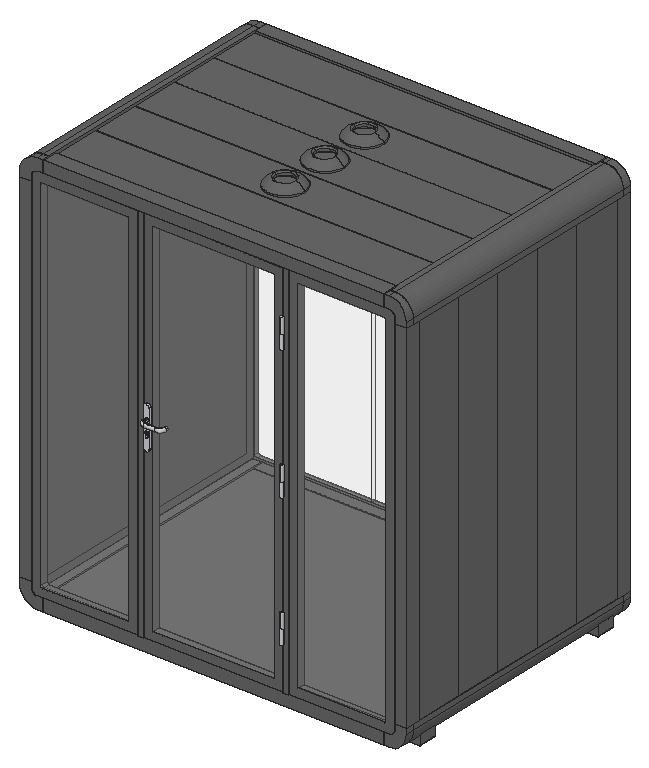
Revit family "Inbox Booths_Large Booth", category Furniture, Revit 2024 (continued)
Forms (mm)
  Sweep 150, solid, material "Default" <- "BB_Exterior Shell"
    profile origin (683.507, 1114.2, 2300) x (0, -1, 0) y (0, 0, 1)
      loop
        line (-12.021, 33.075) -> (-20, 40)
        arc (-20, 40) -> (-47.395, 26.052) -> (-68.91, 4.096) r 95.122
        arc (-68.91, 4.096) -> (-69.811, 2.144) -> (-69.964, 0) r 5.985
        line (-69.964, 0) -> (-40.742, 0)
        arc (-40.742, 0) -> (-35.682, 13.952) -> (-23.977, 23.075) r 26.812
        line (-23.977, 23.075) -> (-12.021, 23.075) -> (-12.021, 33.075)
  Sweep 151, solid, material "Default" <- "BB_Exterior Shell"
    path origin (0, -119.45, 2300) x (1, 0, 0) y (0, 1, 0)
      loop
        circle (683.507, 631.25) r 40
    profile origin (683.507, 551.8, 2300) x (0, -1, 0) y (0, 0, 1)
      loop
        line (-12.021, 33.075) -> (-20, 40)
        arc (-20, 40) -> (-47.395, 26.052) -> (-68.91, 4.096) r 95.122
        arc (-68.91, 4.096) -> (-69.811, 2.144) -> (-69.964, 0) r 5.985
        line (-69.964, 0) -> (-40.742, 0)
        arc (-40.742, 0) -> (-35.682, 13.952) -> (-23.977, 23.075) r 26.812
        line (-23.977, 23.075) -> (-12.021, 23.075) -> (-12.021, 33.075)
  Extrusion 152, solid, material "Default" <- "BB_Exterior Shell"
    sketch origin (0, 1376, 0) x (1, 0, 0) y (0, 0, -1)
      loop
        line (-406.493, -4) -> (-406.493, -66.411)
        arc (-406.493, -66.411) -> (-369.601, -25.268) -> (-316.493, -10) r 100
        line (-316.493, -10) -> (-276.261, -10) -> (-276.261, -4)
        arc (-276.261, -4) -> (-277.432, -1.172) -> (-280.261, 0) r 4
        line (-280.261, 0) -> (-402.493, 0)
        arc (-402.493, 0) -> (-405.321, -1.172) -> (-406.493, -4) r 4
    from 0 to 100
  Extrusion 153, solid, material "Default" <- "BB_Exterior Shell"
    sketch origin (1367.015, 1376, 0) x (-1, 0, 0) y (0, 0, 1)
      loop
        arc (-406.493, 4) -> (-405.321, 1.172) -> (-402.493, 0) r 4
        line (-402.493, 0) -> (-280.261, 0)
        arc (-280.261, 0) -> (-277.432, 1.172) -> (-276.261, 4) r 4
        line (-276.261, 4) -> (-276.261, 10) -> (-316.493, 10)
        arc (-316.493, 10) -> (-369.601, 25.268) -> (-406.493, 66.411) r 100
        line (-406.493, 66.411) -> (-406.493, 4)
    from 0 to 100
  Extrusion 154, solid, material "Default" <- "BB_Exterior Shell", not visible
    sketch origin (0, 1376, 0) x (1, 0, 0) y (0, 0, -1)
      loop
        line (-406.493, -4) -> (-406.493, -66.411)
        arc (-406.493, -66.411) -> (-369.601, -25.268) -> (-316.493, -10) r 100
        line (-316.493, -10) -> (-276.261, -10) -> (-276.261, -4)
        arc (-276.261, -4) -> (-277.432, -1.172) -> (-280.261, 0) r 4
        line (-280.261, 0) -> (-402.493, 0)
        arc (-402.493, 0) -> (-405.321, -1.172) -> (-406.493, -4) r 4
    from 0 to 100
  Extrusion 155, solid, material "Default" <- "BB_Exterior Shell", not visible
    sketch origin (1367.015, 1376, 0) x (-1, 0, 0) y (0, 0, 1)
      loop
        arc (-406.493, 4) -> (-405.321, 1.172) -> (-402.493, 0) r 4
        line (-402.493, 0) -> (-280.261, 0)
        arc (-280.261, 0) -> (-277.432, 1.172) -> (-276.261, 4) r 4
        line (-276.261, 4) -> (-276.261, 10) -> (-316.493, 10)
        arc (-316.493, 10) -> (-369.601, 25.268) -> (-406.493, 66.411) r 100
        line (-406.493, 66.411) -> (-406.493, 4)
    from 0 to 100
  Extrusion 156, solid, material "Glass" <- "BB_Glass"
    sketch origin (6, 1575, 0) x (1, 0, 0) y (0, 0, 1)
      loop
        line (330.622, 2223) -> (330.622, 97) -> (1024.507, 97) -> (1024.507, 2223) -> (330.622, 2223)
    from -11 to 14
  Extrusion 157, solid, material "Glass" <- "BB_Glass", not visible
    sketch origin (6, 1575, 0) x (1, 0, 0) y (0, 0, 1)
      loop
        line (330.622, 2223) -> (330.622, 97) -> (1024.507, 97) -> (1024.507, 2223) -> (330.622, 2223)
    from -11 to 14
  Extrusion 158, solid, material "Glass" <- "BB_Glass"
    sketch origin (667.015, 1575, 0) x (-1, 0, 0) y (0, 0, -1)
      loop
        arc (984.507, -2223) -> (992.993, -2219.485) -> (996.507, -2211) r 12
        line (996.507, -2211) -> (996.507, -109)
        arc (996.507, -109) -> (992.993, -100.515) -> (984.507, -97) r 12
        line (984.507, -97) -> (330.507, -97) -> (330.507, -2223) -> (984.507, -2223)
    from -11 to 14
  Extrusion 159, solid, material "Glass" <- "BB_Glass", not visible
    sketch origin (667.015, 1575, 0) x (-1, 0, 0) y (0, 0, -1)
      loop
        arc (984.507, -2223) -> (992.993, -2219.485) -> (996.507, -2211) r 12
        line (996.507, -2211) -> (996.507, -109)
        arc (996.507, -109) -> (992.993, -100.515) -> (984.507, -97) r 12
        line (984.507, -97) -> (330.507, -97) -> (330.507, -2223) -> (984.507, -2223)
    from -11 to 14
  Sweep 160, solid, material "Default" <- "BB_Exterior Shell", not visible
    path origin (0, 1424.25, 2300) x (1, 0, 0) y (0, 1, 0)
      loop
        circle (683.507, -631.25) r 40
    profile origin (683.507, 753, 2300) x (0, -1, 0) y (0, 0, 1)
      loop
        line (12.021, 33.075) -> (12.021, 23.075) -> (23.977, 23.075)
        arc (23.977, 23.075) -> (35.682, 13.952) -> (40.742, 0) r 26.812
        line (40.742, 0) -> (69.964, 0)
        arc (69.964, 0) -> (69.811, 2.144) -> (68.91, 4.096) r 5.985
        arc (68.91, 4.096) -> (47.395, 26.052) -> (20, 40) r 95.122
        line (20, 40) -> (12.021, 33.075)
  Sweep 161, solid, material "Default" <- "BB_Exterior Shell", not visible
    path origin (0, 442.95, 2300) x (1, 0, 0) y (0, 1, 0)
      loop
        circle (683.507, 631.25) r 40
    profile origin (683.507, 1114.2, 2300) x (0, -1, 0) y (0, 0, 1)
      loop
        line (-12.021, 33.075) -> (-20, 40)
        arc (-20, 40) -> (-47.395, 26.052) -> (-68.91, 4.096) r 95.122
        arc (-68.91, 4.096) -> (-69.811, 2.144) -> (-69.964, 0) r 5.985
        line (-69.964, 0) -> (-40.742, 0)
        arc (-40.742, 0) -> (-35.682, 13.952) -> (-23.977, 23.075) r 26.812
        line (-23.977, 23.075) -> (-12.021, 23.075) -> (-12.021, 33.075)
  Sweep 162, solid, material "Default" <- "BB_Exterior Shell", not visible
    path origin (0, -119.45, 2300) x (1, 0, 0) y (0, 1, 0)
      loop
        circle (683.507, 631.25) r 40
    profile origin (683.507, 551.8, 2300) x (0, -1, 0) y (0, 0, 1)
      loop
        line (-12.021, 33.075) -> (-20, 40)
        arc (-20, 40) -> (-47.395, 26.052) -> (-68.91, 4.096) r 95.122
        arc (-68.91, 4.096) -> (-69.811, 2.144) -> (-69.964, 0) r 5.985
        line (-69.964, 0) -> (-40.742, 0)
        arc (-40.742, 0) -> (-35.682, 13.952) -> (-23.977, 23.075) r 26.812
        line (-23.977, 23.075) -> (-12.021, 23.075) -> (-12.021, 33.075)
  Extrusion 163, solid, material "Default" <- "BB_Exterior Shell"
    sketch origin (-375, 1496, 2320) x (1, 0, 0) y (0, 0, -1)
      loop
        line (-41.493, 2210) -> (-41.493, 2180) -> (25.507, 2180) -> (25.507, 2211)
        arc (25.507, 2211) -> (34.88, 2233.627) -> (57.507, 2243) r 32
        line (57.507, 2243) -> (88.507, 2243) -> (88.507, 2310) -> (58.507, 2310)
        arc (58.507, 2310) -> (-12.203, 2280.711) -> (-41.493, 2210) r 100
    from 45 to 90
  Extrusion 164, solid, material "Default" <- "BB_Exterior Shell"
    sketch origin (-375, 1931, 0) x (1, 0, 0) y (0, 0, 1)
      loop
        line (-41.493, 2210) -> (-41.493, 2180) -> (25.507, 2180) -> (25.507, 2211)
        arc (25.507, 2211) -> (34.88, 2233.627) -> (57.507, 2243) r 32
        line (57.507, 2243) -> (88.507, 2243) -> (88.507, 2310) -> (58.507, 2310)
        arc (58.507, 2310) -> (-12.203, 2280.711) -> (-41.493, 2210) r 100
    from 345 to 390
  Extrusion 165, solid, material "Default" <- "BB_Exterior Shell"
    sketch origin (1742.015, 1496, 2320) x (-1, 0, 0) y (0, 0, 1)
      loop
        arc (-41.493, -2210) -> (-12.203, -2280.711) -> (58.507, -2310) r 100
        line (58.507, -2310) -> (88.507, -2310) -> (88.507, -2243) -> (57.507, -2243)
        arc (57.507, -2243) -> (34.88, -2233.627) -> (25.507, -2211) r 32
        line (25.507, -2211) -> (25.507, -2180) -> (-41.493, -2180) -> (-41.493, -2210)
    from 45 to 90
  Extrusion 166, solid, material "Default" <- "BB_Exterior Shell"
    sketch origin (1742.015, 1931, 0) x (-1, 0, 0) y (0, 0, -1)
      loop
        arc (-41.493, -2210) -> (-12.203, -2280.711) -> (58.507, -2310) r 100
        line (58.507, -2310) -> (88.507, -2310) -> (88.507, -2243) -> (57.507, -2243)
        arc (57.507, -2243) -> (34.88, -2233.627) -> (25.507, -2211) r 32
        line (25.507, -2211) -> (25.507, -2180) -> (-41.493, -2180) -> (-41.493, -2210)
    from 345 to 390
  Extrusion 167, solid, material "Default" <- "BB_Exterior Shell", not visible
    sketch origin (-375, 1496, 2320) x (1, 0, 0) y (0, 0, -1)
      loop
        line (-41.493, 2210) -> (-41.493, 2180) -> (25.507, 2180) -> (25.507, 2211)
        arc (25.507, 2211) -> (34.88, 2233.627) -> (57.507, 2243) r 32
        line (57.507, 2243) -> (88.507, 2243) -> (88.507, 2310) -> (58.507, 2310)
        arc (58.507, 2310) -> (-12.203, 2280.711) -> (-41.493, 2210) r 100
    from 45 to 90
  Extrusion 168, solid, material "Default" <- "BB_Exterior Shell", not visible
    sketch origin (-375, 1931, 0) x (1, 0, 0) y (0, 0, 1)
      loop
        line (-41.493, 2210) -> (-41.493, 2180) -> (25.507, 2180) -> (25.507, 2211)
        arc (25.507, 2211) -> (34.88, 2233.627) -> (57.507, 2243) r 32
        line (57.507, 2243) -> (88.507, 2243) -> (88.507, 2310) -> (58.507, 2310)
        arc (58.507, 2310) -> (-12.203, 2280.711) -> (-41.493, 2210) r 100
    from 345 to 390
  Extrusion 169, solid, material "Default" <- "BB_Exterior Shell", not visible
    sketch origin (1742.015, 1496, 2320) x (-1, 0, 0) y (0, 0, 1)
      loop
        arc (-41.493, -2210) -> (-12.203, -2280.711) -> (58.507, -2310) r 100
        line (58.507, -2310) -> (88.507, -2310) -> (88.507, -2243) -> (57.507, -2243)
        arc (57.507, -2243) -> (34.88, -2233.627) -> (25.507, -2211) r 32
        line (25.507, -2211) -> (25.507, -2180) -> (-41.493, -2180) -> (-41.493, -2210)
    from 45 to 90
  Extrusion 170, solid, material "Default" <- "BB_Exterior Shell", not visible
    sketch origin (1742.015, 1931, 0) x (-1, 0, 0) y (0, 0, -1)
      loop
        arc (-41.493, -2210) -> (-12.203, -2280.711) -> (58.507, -2310) r 100
        line (58.507, -2310) -> (88.507, -2310) -> (88.507, -2243) -> (57.507, -2243)
        arc (57.507, -2243) -> (34.88, -2233.627) -> (25.507, -2211) r 32
        line (25.507, -2211) -> (25.507, -2180) -> (-41.493, -2180) -> (-41.493, -2210)
    from 345 to 390
  Extrusion 171, solid, material "Default" <- "BB_Exterior Shell", not visible
    sketch origin (0, 0, 0) x (1, 0, 0) y (0, 0, 1)
      loop
        line (-286.493, 2243) -> (1653.507, 2243) -> (1653.507, 2310) -> (-286.493, 2310) -> (-286.493, 2243)
    from -90 to 0
  Extrusion 172, solid, material "Default" <- "BB_Exterior Shell", not visible
    sketch origin (0, 986, 0) x (1, 0, 0) y (0, 0, -1)
      loop
        line (-286.493, -2243) -> (-286.493, -2310) -> (1653.507, -2310) -> (1653.507, -2243) -> (-286.493, -2243)
    from 600 to 518.308
  Extrusion 173, solid, material "Default" <- "BB_Exterior Shell", not visible
    sketch origin (0, 0, 2320) x (1, 0, 0) y (0, 0, 1)
      loop
        line (-286.493, -2243) -> (-286.493, -2310) -> (1653.507, -2310) -> (1653.507, -2243) -> (-286.493, -2243)
    from -90 to 0
  Extrusion 174, solid, material "Default" <- "BB_Exterior Shell", not visible
    sketch origin (108.507, 0, 0) x (0, 1, 0) y (0, 0, 1)
      loop
        line (1586, 140) -> (1586, 2180) -> (1504.308, 2180) -> (1504.308, 140) -> (1586, 140)
      loop
        line (0, 2180) -> (0, 140) -> (90, 140) -> (90, 2180) -> (0, 2180)
    from -458 to -525
  Extrusion 175, solid, material "Default" <- "BB_Exterior Shell", not visible
    sketch origin (98.507, -46.5, 0) x (0, 1, 0) y (0, 0, 1)
      loop
        line (91.5, 2233) -> (91.5, 87) -> (1607.5, 87) -> (1607.5, 2233) -> (91.5, 2233)
    from -448 to -438
  Extrusion 176, solid, material "Default" <- "BB_Exterior Shell", not visible
    sketch origin (0, 0, 0) x (1, 0, 0) y (0, 0, 1)
      loop
        line (-349.493, 77) -> (-286.493, 77) -> (-286.493, 87) -> (-349.493, 87) -> (-349.493, 77)
      loop
        line (1653.507, 77) -> (1706.507, 77) -> (1706.507, 87) -> (1653.507, 87) -> (1653.507, 77)
      loop
        line (-349.493, 2243) -> (-349.493, 2233) -> (-286.493, 2233) -> (-286.493, 2243) -> (-349.493, 2243)
      loop
        line (1706.507, 2243) -> (1653.507, 2243) -> (1653.507, 2233) -> (1706.507, 2233) -> (1706.507, 2243)
    from -1561 to -45
  Extrusion 177, solid, material "Default" <- "BB_Exterior Shell", not visible
    sketch origin (0, 0, 0) x (1, 0, 0) y (0, 1, 0)
      loop
        line (-286.493, 45) -> (1653.507, 45) -> (1653.507, 90) -> (-286.493, 90) -> (-286.493, 45)
      loop
        line (1653.507, 1561) -> (-286.493, 1561) -> (-286.493, 1496) -> (1653.507, 1496) -> (1653.507, 1561)
    from 87 to 77
  Extrusion 178, solid, material "Default" <- "BB_Exterior Shell", not visible
    sketch origin (0, 0, 2156) x (1, 0, 0) y (0, 1, 0)
      loop
        line (1653.507, 1496) -> (1653.507, 1561) -> (-286.493, 1561) -> (-286.493, 1496) -> (1653.507, 1496)
      loop
        line (-286.493, 45) -> (1653.507, 45) -> (1653.507, 108) -> (-286.493, 108) -> (-286.493, 45)
    from 87 to 77
  Extrusion 179, solid, material "Default" <- "BB_Exterior Shell", not visible
    sketch origin (0, 896, 2320) x (1, 0, 0) y (0, 0, -1)
      loop
        line (-286.493, 2243) -> (1653.507, 2243) -> (1653.507, 2310) -> (-286.493, 2310) -> (-286.493, 2243)
    from 318.8 to 608.308
  Extrusion 180, solid, material "Default" <- "BB_Exterior Shell", not visible
    sketch origin (0, 90, 2320) x (1, 0, 0) y (0, 0, 1)
      loop
        line (-286.493, -2243) -> (-286.493, -2310) -> (1653.507, -2310) -> (1653.507, -2243) -> (-286.493, -2243)
    from -281.2 to 0
  Extrusion 181, solid, material "Default" <- "BB_Floor Carpet", not visible
    sketch origin (0, 0, 0) x (1, 0, 0) y (0, 1, 0)
      loop
        line (1653.507, 1496) -> (-286.493, 1496) -> (-286.493, 90) -> (1653.507, 90) -> (1653.507, 1496)
    from 77 to 82.752
  Extrusion 182, solid, material "Default" <- "BB_Pet Panel", not visible
    sketch origin (0, 0, 2160.248) x (0, -1, 0) y (1, 0, 0)
      loop
        line (-1504.308, 1653.507) -> (-1504.308, -286.493) -> (-108, -286.493) -> (-108, 1653.507) -> (-1504.308, 1653.507)
    from 77 to 82.752
  Extrusion 183, solid, material "Default" <- "BB_Exterior Shell", not visible
    sketch origin (0, 343.5, 4543) x (1, 0, 0) y (0, 0, -1)
      loop
        line (-286.493, 2243) -> (1653.507, 2243) -> (1653.507, 2300) -> (-286.493, 2300) -> (-286.493, 2243)
    from -253.5 to 27.7
  Extrusion 184, solid, material "Default" <- "BB_Exterior Shell", not visible
    sketch origin (-375, 90, 2320) x (1, 0, 0) y (0, 0, 1)
      loop
        arc (-41.493, -2210) -> (-12.203, -2280.711) -> (58.507, -2310) r 100
        line (58.507, -2310) -> (88.507, -2310) -> (88.507, -2243) -> (57.507, -2243)
        arc (57.507, -2243) -> (34.88, -2233.627) -> (25.507, -2211) r 32
        line (25.507, -2211) -> (25.507, -2180) -> (-41.493, -2180) -> (-41.493, -2210)
    from 45 to 90
  Extrusion 185, solid, material "Default" <- "BB_Exterior Shell", not visible
    sketch origin (-375, 1451, 2320) x (1, 0, 0) y (0, 0, -1)
      loop
        line (-41.493, 2210) -> (-41.493, 2180) -> (25.507, 2180) -> (25.507, 2211)
        arc (25.507, 2211) -> (34.88, 2233.627) -> (57.507, 2243) r 32
        line (57.507, 2243) -> (88.507, 2243) -> (88.507, 2310) -> (58.507, 2310)
        arc (58.507, 2310) -> (-12.203, 2280.711) -> (-41.493, 2210) r 100
    from -1406 to 90
  Extrusion 186, solid, material "Default" <- "BB_Exterior Shell", not visible
    sketch origin (0, 793, 2320) x (1, 0, 0) y (0, 0, -1)
      loop
        line (-286.493, 2243) -> (1653.507, 2243) -> (1653.507, 2310) -> (-286.493, 2310) -> (-286.493, 2243)
    from -421.8 to -140.6
  Extrusion 187, solid, material "Default" <- "BB_Exterior Shell", not visible
    sketch origin (-375, 1451, 0) x (1, 0, 0) y (0, 0, -1)
      loop
        arc (-41.493, -2210) -> (-12.203, -2280.711) -> (58.507, -2310) r 100
        line (58.507, -2310) -> (88.507, -2310) -> (88.507, -2243) -> (57.507, -2243)
        arc (57.507, -2243) -> (34.88, -2233.627) -> (25.507, -2211) r 32
        line (25.507, -2211) -> (25.507, -2180) -> (-41.493, -2180) -> (-41.493, -2210)
    from -1406 to 90
  Extrusion 188, solid, material "Default" <- "BB_Exterior Shell", not visible
    sketch origin (-375, -345, 0) x (1, 0, 0) y (0, 0, -1)
      loop
        arc (-41.493, -2210) -> (-12.203, -2280.711) -> (58.507, -2310) r 100
        line (58.507, -2310) -> (88.507, -2310) -> (88.507, -2243) -> (57.507, -2243)
        arc (57.507, -2243) -> (34.88, -2233.627) -> (25.507, -2211) r 32
        line (25.507, -2211) -> (25.507, -2180) -> (-41.493, -2180) -> (-41.493, -2210)
    from 345 to 390
  Extrusion 189, solid, material "Default" <- "BB_Exterior Shell", not visible
    sketch origin (-501.493, 5, 0) x (0, 1, 0) y (0, 0, 1)
      loop
        line (85, 2180) -> (85, 140) -> (366.2, 140) -> (366.2, 2180) -> (85, 2180)
    from 92 to 152
  Extrusion 190, solid, material "Default" <- "BB_Exterior Shell", not visible
    sketch origin (0, 389.5, 4543) x (1, 0, 0) y (0, 0, 1)
      loop
        line (-286.493, -2243) -> (-286.493, -2300) -> (1653.507, -2300) -> (1653.507, -2243) -> (-286.493, -2243)
    from -262.9 to 18.3
  Extrusion 191, solid, material "Default" <- "BB_Exterior Shell", not visible
    sketch origin (0, 493, 2320) x (1, 0, 0) y (0, 0, 1)
      loop
        line (-286.493, -2243) -> (-286.493, -2310) -> (1653.507, -2310) -> (1653.507, -2243) -> (-286.493, -2243)
    from -440.6 to -159.4
  Extrusion 192, solid, material "Default" <- "BB_Exterior Shell", not visible
    sketch origin (0, 1346, 2320) x (1, 0, 0) y (0, 0, -1)
      loop
        line (-286.493, 2243) -> (1653.507, 2243) -> (1653.507, 2310) -> (-286.493, 2310) -> (-286.493, 2243)
    from -412.4 to -131.2
  Extrusion 193, solid, material "Default" <- "BB_Pet Panel", not visible
    sketch origin (-139.493, 1033.5, 51.289) x (0, -1, 0) y (0, 0, -1)
      loop
        line (-462.5, -2128.711) -> (943.5, -2128.711) -> (943.5, -88.711) -> (-462.5, -88.711) -> (-462.5, -2128.711)
    from -200 to -190
  Extrusion 194, solid, material "Default" <- "BB_Exterior Shell", not visible
    sketch origin (0, 210, 0) x (1, 0, 0) y (0, 0, 1)
      loop
        arc (-406.493, 4) -> (-405.321, 1.172) -> (-402.493, 0) r 4
        line (-402.493, 0) -> (-280.261, 0)
        arc (-280.261, 0) -> (-277.432, 1.172) -> (-276.261, 4) r 4
        line (-276.261, 4) -> (-276.261, 10) -> (-316.493, 10)
        arc (-316.493, 10) -> (-369.601, 25.268) -> (-406.493, 66.411) r 100
        line (-406.493, 66.411) -> (-406.493, 4)
    from 0 to 100
  Extrusion 195, solid, material "Default" <- "BB_Exterior Shell", not visible
    sketch origin (1258.507, 0, 0) x (0, 1, 0) y (0, 0, -1)
      loop
        line (1586, -140) -> (1504.308, -140) -> (1504.308, -2180) -> (1586, -2180) -> (1586, -140)
      loop
        line (0, -2180) -> (90, -2180) -> (90, -140) -> (0, -140) -> (0, -2180)
    from -458 to -525
  Extrusion 196, solid, material "Default" <- "BB_Exterior Shell", not visible
    sketch origin (1742.015, 90, 2320) x (-1, 0, 0) y (0, 0, -1)
      loop
        line (-41.493, 2210) -> (-41.493, 2180) -> (25.507, 2180) -> (25.507, 2211)
        arc (25.507, 2211) -> (34.88, 2233.627) -> (57.507, 2243) r 32
        line (57.507, 2243) -> (88.507, 2243) -> (88.507, 2310) -> (58.507, 2310)
        arc (58.507, 2310) -> (-12.203, 2280.711) -> (-41.493, 2210) r 100
    from 45 to 90
  Extrusion 197, solid, material "Default" <- "BB_Exterior Shell", not visible
    sketch origin (1742.015, 1451, 0) x (-1, 0, 0) y (0, 0, 1)
      loop
        line (-41.493, 2210) -> (-41.493, 2180) -> (25.507, 2180) -> (25.507, 2211)
        arc (25.507, 2211) -> (34.88, 2233.627) -> (57.507, 2243) r 32
        line (57.507, 2243) -> (88.507, 2243) -> (88.507, 2310) -> (58.507, 2310)
        arc (58.507, 2310) -> (-12.203, 2280.711) -> (-41.493, 2210) r 100
    from -1406 to 90
  Extrusion 198, solid, material "Default" <- "BB_Exterior Shell", not visible
    sketch origin (1742.015, 1451, 2320) x (-1, 0, 0) y (0, 0, 1)
      loop
        arc (-41.493, -2210) -> (-12.203, -2280.711) -> (58.507, -2310) r 100
        line (58.507, -2310) -> (88.507, -2310) -> (88.507, -2243) -> (57.507, -2243)
        arc (57.507, -2243) -> (34.88, -2233.627) -> (25.507, -2211) r 32
        line (25.507, -2211) -> (25.507, -2180) -> (-41.493, -2180) -> (-41.493, -2210)
    from -1406 to 90
  Extrusion 199, solid, material "Default" <- "BB_Exterior Shell", not visible
    sketch origin (1742.015, -345, 0) x (-1, 0, 0) y (0, 0, 1)
      loop
        line (-41.493, 2210) -> (-41.493, 2180) -> (25.507, 2180) -> (25.507, 2211)
        arc (25.507, 2211) -> (34.88, 2233.627) -> (57.507, 2243) r 32
        line (57.507, 2243) -> (88.507, 2243) -> (88.507, 2310) -> (58.507, 2310)
        arc (58.507, 2310) -> (-12.203, 2280.711) -> (-41.493, 2210) r 100
    from 345 to 390
  Extrusion 200, solid, material "Default" <- "BB_Exterior Shell", not visible
    sketch origin (1868.507, 5, 0) x (0, 1, 0) y (0, 0, -1)
      loop
        line (85, -2180) -> (366.2, -2180) -> (366.2, -140) -> (85, -140) -> (85, -2180)
    from 92 to 152
  Extrusion 201, solid, material "Default" <- "BB_Exterior Shell", not visible
    sketch origin (1367.015, 210, 0) x (-1, 0, 0) y (0, 0, -1)
      loop
        line (-406.493, -4) -> (-406.493, -66.411)
        arc (-406.493, -66.411) -> (-369.601, -25.268) -> (-316.493, -10) r 100
        line (-316.493, -10) -> (-276.261, -10) -> (-276.261, -4)
        arc (-276.261, -4) -> (-277.432, -1.172) -> (-280.261, 0) r 4
        line (-280.261, 0) -> (-402.493, 0)
        arc (-402.493, 0) -> (-405.321, -1.172) -> (-406.493, -4) r 4
    from 0 to 100
  Extrusion 202, solid, material "Default" <- "BB_Exterior Shell", not visible
    sketch origin (1268.507, -46.5, 0) x (0, 1, 0) y (0, 0, -1)
      loop
        line (91.5, -2233) -> (1607.5, -2233) -> (1607.5, -87) -> (91.5, -87) -> (91.5, -2233)
    from -448 to -438
  Extrusion 203, solid, material "Default" <- "BB_Pet Panel", not visible
    sketch origin (1506.507, 1033.5, 51.289) x (0, -1, 0) y (0, 0, 1)
      loop
        line (-462.5, 2128.711) -> (-462.5, 88.711) -> (943.5, 88.711) -> (943.5, 2128.711) -> (-462.5, 2128.711)
    from -200 to -190
  Extrusion 204, solid, material "Default" <- "BB_Glass Edge (non-editable finish)", not visible
    sketch origin (0, -41.475, 0) x (1, 0, 0) y (0, 0, 1)
      loop
        arc (-317.493, 2243) -> (-340.12, 2233.627) -> (-349.493, 2211) r 32
        line (-349.493, 2211) -> (-349.493, 109)
        arc (-349.493, 109) -> (-340.12, 86.373) -> (-317.493, 77) r 32
        line (-317.493, 77) -> (1684.507, 77)
        arc (1684.507, 77) -> (1707.135, 86.373) -> (1716.507, 109) r 32
        line (1716.507, 109) -> (1716.507, 2211)
        arc (1716.507, 2211) -> (1707.135, 2233.627) -> (1684.507, 2243) r 32
        line (1684.507, 2243) -> (-317.493, 2243)
      loop
        line (-317.493, 97) -> (1684.507, 97)
        arc (1684.507, 97) -> (1692.993, 100.515) -> (1696.507, 109) r 12
        line (1696.507, 109) -> (1696.507, 2211)
        arc (1696.507, 2211) -> (1692.993, 2219.485) -> (1684.507, 2223) r 12
        line (1684.507, 2223) -> (-317.493, 2223)
        arc (-317.493, 2223) -> (-325.978, 2219.485) -> (-329.493, 2211) r 12
        line (-329.493, 2211) -> (-329.493, 109)
        arc (-329.493, 109) -> (-325.978, 100.515) -> (-317.493, 97) r 12
    from -1627.475 to -1602.475
  Extrusion 205, solid, material "Glass" <- "BB_Glass", not visible
    sketch origin (700, 1575, 0) x (1, 0, 0) y (0, 0, 1)
      loop
        line (984.507, 2223) -> (330.507, 2223) -> (330.507, 97) -> (984.507, 97)
        arc (984.507, 97) -> (992.993, 100.515) -> (996.507, 109) r 12
        line (996.507, 109) -> (996.507, 2211)
        arc (996.507, 2211) -> (992.993, 2219.485) -> (984.507, 2223) r 12
    from -11 to 14
  Extrusion 206, solid, material "Default" <- "BB_Exterior Shell", not visible
    sketch origin (-501.493, 737.4, 0) x (0, -1, 0) y (0, 0, -1)
      loop
        line (85, -2180) -> (366.2, -2180) -> (366.2, -140) -> (85, -140) -> (85, -2180)
    from 92 to 152
  Extrusion 207, solid, material "Default" <- "BB_Exterior Shell", not visible
    sketch origin (-501.493, 1299.8, 0) x (0, -1, 0) y (0, 0, -1)
      loop
        line (85, -2180) -> (366.2, -2180) -> (366.2, -140) -> (85, -140) -> (85, -2180)
    from 92 to 152
  Extrusion 208, solid, material "Default" <- "BB_Exterior Shell", not visible
    sketch origin (-501.493, 567.4, 0) x (0, 1, 0) y (0, 0, 1)
      loop
        line (85, 2180) -> (85, 140) -> (366.2, 140) -> (366.2, 2180) -> (85, 2180)
    from 92 to 152
  Extrusion 209, solid, material "Default" <- "BB_Exterior Shell", not visible
    sketch origin (-501.493, 1129.8, 0) x (0, 1, 0) y (0, 0, 1)
      loop
        line (85, 2180) -> (85, 140) -> (374.508, 140) -> (374.508, 2180) -> (85, 2180)
    from 92 to 152
  Extrusion 210, solid, material "Default" <- "BB_Exterior Shell", not visible
    sketch origin (0, 961.3, 4543) x (1, 0, 0) y (0, 0, 1)
      loop
        line (-286.493, -2243) -> (-286.493, -2300) -> (1653.507, -2300) -> (1653.507, -2243) -> (-286.493, -2243)
    from -253.5 to 27.7
  Extrusion 211, solid, material "Default" <- "BB_Exterior Shell", not visible
    sketch origin (0, 915.3, 4543) x (1, 0, 0) y (0, 0, -1)
      loop
        line (-286.493, 2243) -> (1653.507, 2243) -> (1653.507, 2300) -> (-286.493, 2300) -> (-286.493, 2243)
    from -262.9 to 18.3
  Extrusion 212, solid, material "Default" <- "BB_Exterior Shell", not visible
    sketch origin (0, 1468.3, 4543) x (1, 0, 0) y (0, 0, -1)
      loop
        line (-286.493, 2243) -> (1653.507, 2243) -> (1653.507, 2300) -> (-286.493, 2300) -> (-286.493, 2243)
    from -253.5 to 36.008
  Extrusion 213, solid, material "Default" <- "BB_Exterior Shell", not visible
    sketch origin (1868.507, 737.4, 0) x (0, -1, 0) y (0, 0, 1)
      loop
        line (85, 2180) -> (85, 140) -> (366.2, 140) -> (366.2, 2180) -> (85, 2180)
    from 92 to 152
  Extrusion 214, solid, material "Default" <- "BB_Exterior Shell", not visible
    sketch origin (1868.507, 567.4, 0) x (0, 1, 0) y (0, 0, -1)
      loop
        line (85, -2180) -> (366.2, -2180) -> (366.2, -140) -> (85, -140) -> (85, -2180)
    from 92 to 152
  Extrusion 215, solid, material "Default" <- "BB_Exterior Shell", not visible
    sketch origin (1868.507, 1299.8, 0) x (0, -1, 0) y (0, 0, 1)
      loop
        line (85, 2180) -> (85, 140) -> (366.2, 140) -> (366.2, 2180) -> (85, 2180)
    from 92 to 152
  Extrusion 216, solid, material "Default" <- "BB_Exterior Shell", not visible
    sketch origin (1868.507, 1129.8, 0) x (0, 1, 0) y (0, 0, -1)
      loop
        line (85, -2180) -> (374.508, -2180) -> (374.508, -140) -> (85, -140) -> (85, -2180)
    from 92 to 152
  Extrusion 217, solid, material "Default" <- "BB_Exterior Shell", not visible
    sketch origin (0, 986, -2233) x (1, 0, 0) y (0, 0, -1)
      loop
        line (-286.493, -2243) -> (-286.493, -2310) -> (1653.507, -2310) -> (1653.507, -2243) -> (-286.493, -2243)
    from 600 to 518.308
  Extrusion 218, solid, material "Default" <- "BB_Glass Edge (non-editable finish)", not visible
    sketch origin (1367.015, -1616.475, 0) x (-1, 0, 0) y (0, 0, -1)
      loop
        line (-317.493, -2243) -> (254.507, -2243) -> (254.507, -77) -> (-317.493, -77)
        arc (-317.493, -77) -> (-340.12, -86.373) -> (-349.493, -109) r 32
        line (-349.493, -109) -> (-349.493, -2211)
        arc (-349.493, -2211) -> (-340.12, -2233.627) -> (-317.493, -2243) r 32
      loop
        line (204.507, -127) -> (-287.493, -127)
        arc (-287.493, -127) -> (-295.978, -130.515) -> (-299.493, -139) r 12
        line (-299.493, -139) -> (-299.493, -2180)
        arc (-299.493, -2180) -> (-296.023, -2189.531) -> (-286.493, -2193) r 12
        line (-286.493, -2193) -> (204.507, -2193) -> (204.507, -127)
    from -1661.475 to -1616.475
  Extrusion 219, solid, material "Glass" <- "BB_Glass", not visible
    sketch origin (1367.015, 0, 0) x (-1, 0, 0) y (0, 0, -1)
      loop
        line (204.507, -127) -> (-287.493, -127)
        arc (-287.493, -127) -> (-295.978, -130.515) -> (-299.493, -139) r 12
        line (-299.493, -139) -> (-299.493, -2180)
        arc (-299.493, -2180) -> (-296.023, -2189.531) -> (-286.493, -2193) r 12
        line (-286.493, -2193) -> (204.507, -2193) -> (204.507, -127)
    from -11 to 0
  Extrusion 220, solid, material "Default" <- "BB_Exterior Shell", not visible
    sketch origin (1418.507, 0, 0) x (0, 1, 0) y (0, 0, 1)
      loop
        line (0, 2243) -> (0, 77) -> (45, 77) -> (45, 2243) -> (0, 2243)
    from -306 to -337.885
  Extrusion 221, solid, material "Default" <- "BB_Glass Edge (non-editable finish)", not visible
    sketch origin (0, -1616.475, 0) x (1, 0, 0) y (0, 0, 1)
      loop
        arc (-317.493, 2243) -> (-340.12, 2233.627) -> (-349.493, 2211) r 32
        line (-349.493, 2211) -> (-349.493, 109)
        arc (-349.493, 109) -> (-340.12, 86.373) -> (-317.493, 77) r 32
        line (-317.493, 77) -> (254.507, 77) -> (254.507, 2243) -> (-317.493, 2243)
      loop
        line (204.507, 127) -> (204.507, 2193) -> (-286.493, 2193)
        arc (-286.493, 2193) -> (-296.023, 2189.531) -> (-299.493, 2180) r 12
        line (-299.493, 2180) -> (-299.493, 139)
        arc (-299.493, 139) -> (-295.978, 130.515) -> (-287.493, 127) r 12
        line (-287.493, 127) -> (204.507, 127)
    from -1661.475 to -1616.475
  Extrusion 222, solid, material "Glass" <- "BB_Glass", not visible
    sketch origin (0, 0, 0) x (1, 0, 0) y (0, 0, 1)
      loop
        line (204.507, 127) -> (204.507, 2193) -> (-286.493, 2193)
        arc (-286.493, 2193) -> (-296.023, 2189.531) -> (-299.493, 2180) r 12
        line (-299.493, 2180) -> (-299.493, 139)
        arc (-299.493, 139) -> (-295.978, 130.515) -> (-287.493, 127) r 12
        line (-287.493, 127) -> (204.507, 127)
    from -11 to 0
  Extrusion 223, solid, material "Default" <- "BB_Exterior Shell", not visible
    sketch origin (-51.493, 0, 0) x (0, 1, 0) y (0, 0, -1)
      loop
        line (0, -2243) -> (45, -2243) -> (45, -77) -> (0, -77) -> (0, -2243)
    from -306 to -338.115
  Extrusion 224, solid, material "Default" <- "BB_Glass Edge (non-editable finish)", not visible
    sketch origin (316.115, -709.952, 0) x (1, 0, 0) y (0, 0, 1)
      loop
        line (-29.493, 2243) -> (-29.493, 77) -> (764.507, 77) -> (764.507, 2243) -> (-29.493, 2243)
      loop
        line (714.507, 2193) -> (20.507, 2193) -> (20.507, 127) -> (714.507, 127) -> (714.507, 2193)
    from -754.952 to -709.952
  Extrusion 225, solid, material "Glass" <- "BB_Glass", not visible
    sketch origin (-390.243, -1616.475, -375.577) x (1, 0, 0) y (0, 0, 1)
      loop
        line (726.866, 2568.577) -> (726.866, 502.577) -> (1420.866, 502.577) -> (1420.866, 2568.577) -> (726.866, 2568.577)
    from -1661.475 to -1616.475
  Extrusion 226, solid, material <- "BB_Hardware (non-editable finish)", not visible
    sketch origin (377.365, 0, 0) x (1, 0, 0) y (0, 0, 1)
      loop
        arc (-80.493, 1055) -> (-65.493, 1040) -> (-50.493, 1055) r 15
        line (-50.493, 1055) -> (-50.493, 1265)
        arc (-50.493, 1265) -> (-65.493, 1280) -> (-80.493, 1265) r 15
        line (-80.493, 1265) -> (-80.493, 1055)
    from 0 to 9
  Extrusion 227, solid, material <- "BB_Hardware (non-editable finish)", not visible
    sketch origin (377.365, 0, 0) x (1, 0, 0) y (0, 0, 1)
      loop
        arc (-60.993, 1126.252) -> (-65.493, 1141.963) -> (-69.993, 1126.252) r 8.5
        line (-69.993, 1126.252) -> (-69.993, 1113.463)
        arc (-69.993, 1113.463) -> (-65.493, 1108.963) -> (-60.993, 1113.463) r 4.5
        line (-60.993, 1113.463) -> (-60.993, 1126.252)
      loop
        circle (-65.493, 1133.463) r 6.846
    from 9 to 9.871
  Extrusion 228, solid, material <- "BB_Hardware (non-editable finish)", not visible
    sketch origin (377.365, 0, 0) x (1, 0, 0) y (0, 0, 1)
      loop
        line (-58.72, 1132.462) -> (-65.493, 1132.462) -> (-65.493, 1134.409) -> (-58.713, 1134.409)
        arc (-58.713, 1134.409) -> (-72.338, 1133.49) -> (-58.72, 1132.462) r 6.846
    from 9 to 9.607
  Sweep 229, solid, material <- "BB_Hardware (non-editable finish)", not visible
    path origin (368.115, 0, 1191.013) x (1, 0, 0) y (0, 1, 0)
      loop
        line (-65.493, -9.009) -> (-65.493, -29)
        arc (-65.493, -29) -> (-55.534, -53.042) -> (-31.493, -63) r 34
        line (-31.493, -63) -> (35.007, -63)
        arc (35.007, -63) -> (59.372, -53.221) -> (69.507, -29.004) r 34
        line (69.507, -29.004) -> (69.507, -19)
    profile origin (302.622, -19.005, 1191.013) x (1, 0, 0) y (0, 0, 1)
      loop
        arc (14.657, 18.263) -> (14.416, 18.644) -> (14.007, 18.834) r 0.8
        arc (14.007, 18.834) -> (11.685, 19.007) -> (9.363, 18.833) r 15.626
        arc (9.363, 18.833) -> (0, 9.47) -> (9.363, 0.107) r 9.363
        arc (9.363, 0.107) -> (11.662, -0.019) -> (13.962, 0.101) r 21.574
        arc (13.962, 0.101) -> (14.393, 0.284) -> (14.647, 0.677) r 0.8
        arc (14.647, 0.677) -> (15.884, 9.469) -> (14.657, 18.263) r 31.996
  Extrusion 230, solid, material <- "BB_Hardware (non-editable finish)", not visible
    sketch origin (-2323.96, 0, 26.184) x (1, 0, 0) y (0, 1, 0)
      loop
        circle (3404.582, -7.96) r 8
    from 299.201 to 380.816
  Extrusion 231, solid, material <- "BB_Hardware (non-editable finish)", not visible
    sketch origin (-2323.96, 0, 107.816) x (0, -1, 0) y (1, 0, 0)
      loop
        circle (7.96, 3404.582) r 8
    from 299.201 to 380.816
  Extrusion 232, solid, material <- "BB_Hardware (non-editable finish)", not visible
    sketch origin (-2323.96, 0, 779.184) x (1, 0, 0) y (0, 1, 0)
      loop
        circle (3404.582, -7.96) r 8
    from 299.201 to 380.816
  Extrusion 233, solid, material <- "BB_Hardware (non-editable finish)", not visible
    sketch origin (-2323.96, 0, 860.816) x (0, -1, 0) y (1, 0, 0)
      loop
        circle (7.96, 3404.582) r 8
    from 299.201 to 380.816
  Extrusion 234, solid, material <- "BB_Hardware (non-editable finish)", not visible
    sketch origin (-2323.96, 0, 1532.184) x (1, 0, 0) y (0, 1, 0)
      loop
        circle (3404.582, -7.96) r 8
    from 299.201 to 380.816
  Extrusion 235, solid, material <- "BB_Hardware (non-editable finish)", not visible
    sketch origin (-2323.96, 0, 1613.816) x (0, -1, 0) y (1, 0, 0)
      loop
        circle (7.96, 3404.582) r 8
    from 299.201 to 380.816
  Sweep 236, solid, material "Default" <- "BB_Exterior Shell", not visible
    path origin (0, 1424.25, 2300) x (1, 0, 0) y (0, 1, 0)
      loop
        circle (683.507, -631.25) r 40
    profile origin (683.507, 753, 2300) x (0, -1, 0) y (0, 0, 1)
      loop
        line (12.021, 33.075) -> (12.021, 23.075) -> (23.977, 23.075)
        arc (23.977, 23.075) -> (35.682, 13.952) -> (40.742, 0) r 26.812
        line (40.742, 0) -> (69.964, 0)
        arc (69.964, 0) -> (69.811, 2.144) -> (68.91, 4.096) r 5.985
        arc (68.91, 4.096) -> (47.395, 26.052) -> (20, 40) r 95.122
        line (20, 40) -> (12.021, 33.075)
  Sweep 237, solid, material "Default" <- "BB_Exterior Shell", not visible
    path origin (0, 442.95, 2300) x (1, 0, 0) y (0, 1, 0)
      loop
        circle (683.507, 631.25) r 40
    profile origin (683.507, 1114.2, 2300) x (0, -1, 0) y (0, 0, 1)
      loop
        line (-12.021, 33.075) -> (-20, 40)
        arc (-20, 40) -> (-47.395, 26.052) -> (-68.91, 4.096) r 95.122
        arc (-68.91, 4.096) -> (-69.811, 2.144) -> (-69.964, 0) r 5.985
        line (-69.964, 0) -> (-40.742, 0)
        arc (-40.742, 0) -> (-35.682, 13.952) -> (-23.977, 23.075) r 26.812
        line (-23.977, 23.075) -> (-12.021, 23.075) -> (-12.021, 33.075)
  Sweep 238, solid, material "Default" <- "BB_Exterior Shell", not visible
    path origin (0, -119.45, 2300) x (1, 0, 0) y (0, 1, 0)
      loop
        circle (683.507, 631.25) r 40
    profile origin (683.507, 551.8, 2300) x (0, -1, 0) y (0, 0, 1)
      loop
        line (-12.021, 33.075) -> (-20, 40)
        arc (-20, 40) -> (-47.395, 26.052) -> (-68.91, 4.096) r 95.122
        arc (-68.91, 4.096) -> (-69.811, 2.144) -> (-69.964, 0) r 5.985
        line (-69.964, 0) -> (-40.742, 0)
        arc (-40.742, 0) -> (-35.682, 13.952) -> (-23.977, 23.075) r 26.812
        line (-23.977, 23.075) -> (-12.021, 23.075) -> (-12.021, 33.075)
  Extrusion 239, solid, material "Default" <- "BB_Exterior Shell", not visible
    sketch origin (0, 1376, 0) x (1, 0, 0) y (0, 0, -1)
      loop
        line (-406.493, -4) -> (-406.493, -66.411)
        arc (-406.493, -66.411) -> (-369.601, -25.268) -> (-316.493, -10) r 100
        line (-316.493, -10) -> (-276.261, -10) -> (-276.261, -4)
        arc (-276.261, -4) -> (-277.432, -1.172) -> (-280.261, 0) r 4
        line (-280.261, 0) -> (-402.493, 0)
        arc (-402.493, 0) -> (-405.321, -1.172) -> (-406.493, -4) r 4
    from 0 to 100
  Extrusion 240, solid, material "Default" <- "BB_Exterior Shell", not visible
    sketch origin (1367.015, 1376, 0) x (-1, 0, 0) y (0, 0, 1)
      loop
        arc (-406.493, 4) -> (-405.321, 1.172) -> (-402.493, 0) r 4
        line (-402.493, 0) -> (-280.261, 0)
        arc (-280.261, 0) -> (-277.432, 1.172) -> (-276.261, 4) r 4
        line (-276.261, 4) -> (-276.261, 10) -> (-316.493, 10)
        arc (-316.493, 10) -> (-369.601, 25.268) -> (-406.493, 66.411) r 100
        line (-406.493, 66.411) -> (-406.493, 4)
    from 0 to 100
  Extrusion 241, solid, material "Glass" <- "BB_Glass", not visible
    sketch origin (6, 1575, 0) x (1, 0, 0) y (0, 0, 1)
      loop
        line (330.622, 2223) -> (330.622, 97) -> (1024.507, 97) -> (1024.507, 2223) -> (330.622, 2223)
    from -11 to 14
  Extrusion 242, solid, material "Glass" <- "BB_Glass", not visible
    sketch origin (667.015, 1575, 0) x (-1, 0, 0) y (0, 0, -1)
      loop
        arc (984.507, -2223) -> (992.993, -2219.485) -> (996.507, -2211) r 12
        line (996.507, -2211) -> (996.507, -109)
        arc (996.507, -109) -> (992.993, -100.515) -> (984.507, -97) r 12
        line (984.507, -97) -> (330.507, -97) -> (330.507, -2223) -> (984.507, -2223)
    from -11 to 14
  Extrusion 243, solid, material "Default" <- "BB_Exterior Shell", not visible
    sketch origin (-375, 1496, 2320) x (1, 0, 0) y (0, 0, -1)
      loop
        line (-41.493, 2210) -> (-41.493, 2180) -> (25.507, 2180) -> (25.507, 2211)
        arc (25.507, 2211) -> (34.88, 2233.627) -> (57.507, 2243) r 32
        line (57.507, 2243) -> (88.507, 2243) -> (88.507, 2310) -> (58.507, 2310)
        arc (58.507, 2310) -> (-12.203, 2280.711) -> (-41.493, 2210) r 100
    from 45 to 90
  Extrusion 244, solid, material "Default" <- "BB_Exterior Shell", not visible
    sketch origin (-375, 1931, 0) x (1, 0, 0) y (0, 0, 1)
      loop
        line (-41.493, 2210) -> (-41.493, 2180) -> (25.507, 2180) -> (25.507, 2211)
        arc (25.507, 2211) -> (34.88, 2233.627) -> (57.507, 2243) r 32
        line (57.507, 2243) -> (88.507, 2243) -> (88.507, 2310) -> (58.507, 2310)
        arc (58.507, 2310) -> (-12.203, 2280.711) -> (-41.493, 2210) r 100
    from 345 to 390
  Extrusion 245, solid, material "Default" <- "BB_Exterior Shell", not visible
    sketch origin (1742.015, 1496, 2320) x (-1, 0, 0) y (0, 0, 1)
      loop
        arc (-41.493, -2210) -> (-12.203, -2280.711) -> (58.507, -2310) r 100
        line (58.507, -2310) -> (88.507, -2310) -> (88.507, -2243) -> (57.507, -2243)
        arc (57.507, -2243) -> (34.88, -2233.627) -> (25.507, -2211) r 32
        line (25.507, -2211) -> (25.507, -2180) -> (-41.493, -2180) -> (-41.493, -2210)
    from 45 to 90
  Extrusion 246, solid, material "Default" <- "BB_Exterior Shell", not visible
    sketch origin (1742.015, 1931, 0) x (-1, 0, 0) y (0, 0, -1)
      loop
        arc (-41.493, -2210) -> (-12.203, -2280.711) -> (58.507, -2310) r 100
        line (58.507, -2310) -> (88.507, -2310) -> (88.507, -2243) -> (57.507, -2243)
        arc (57.507, -2243) -> (34.88, -2233.627) -> (25.507, -2211) r 32
        line (25.507, -2211) -> (25.507, -2180) -> (-41.493, -2180) -> (-41.493, -2210)
    from 345 to 390
  Extrusion 247, solid, material "Default" <- "BB_Exterior Shell"
    sketch origin (670, 0, -167) x (1, 0, 0) y (0, 1, 0)
      loop
        arc (-103.945, 902.4) -> (-111.016, 899.471) -> (-113.945, 892.4) r 10
        line (-113.945, 892.4) -> (-113.945, 662.4)
        arc (-113.945, 662.4) -> (-111.016, 655.329) -> (-103.945, 652.4) r 10
        line (-103.945, 652.4) -> (126.055, 652.4)
        arc (126.055, 652.4) -> (133.126, 655.329) -> (136.055, 662.4) r 10
        line (136.055, 662.4) -> (136.055, 892.4)
        arc (136.055, 892.4) -> (133.126, 899.471) -> (126.055, 902.4) r 10
        line (126.055, 902.4) -> (-103.945, 902.4)
      loop
        arc (-103.945, 897.4) -> (-107.481, 895.936) -> (-108.945, 892.4) r 5
        line (-108.945, 892.4) -> (-108.945, 662.4)
        arc (-108.945, 662.4) -> (-107.481, 658.864) -> (-103.945, 657.4) r 5
        line (-103.945, 657.4) -> (126.055, 657.4)
        arc (126.055, 657.4) -> (129.59, 658.864) -> (131.055, 662.4) r 5
        line (131.055, 662.4) -> (131.055, 892.4)
        arc (131.055, 892.4) -> (129.59, 895.936) -> (126.055, 897.4) r 5
        line (126.055, 897.4) -> (-103.945, 897.4)
    from 2350 to 2400
  Extrusion 248, solid, material "Default Light Source" <- "BB_Light Source"
    sketch origin (670, 0, -167) x (1, 0, 0) y (0, 1, 0)
      loop
        arc (-103.945, 897.4) -> (-107.481, 895.936) -> (-108.945, 892.4) r 5
        line (-108.945, 892.4) -> (-108.945, 662.4)
        arc (-108.945, 662.4) -> (-107.481, 658.864) -> (-103.945, 657.4) r 5
        line (-103.945, 657.4) -> (126.055, 657.4)
        arc (126.055, 657.4) -> (129.59, 658.864) -> (131.055, 662.4) r 5
        line (131.055, 662.4) -> (131.055, 892.4)
        arc (131.055, 892.4) -> (129.59, 895.936) -> (126.055, 897.4) r 5
        line (126.055, 897.4) -> (-103.945, 897.4)
    from 2350 to 2352.507
  Extrusion 249, solid, material "Default" <- "BB_Exterior Shell", not visible
    sketch origin (670, 0, -260) x (1, 0, 0) y (0, 1, 0)
      loop
        arc (-103.945, 902.4) -> (-111.016, 899.471) -> (-113.945, 892.4) r 10
        line (-113.945, 892.4) -> (-113.945, 662.4)
        arc (-113.945, 662.4) -> (-111.016, 655.329) -> (-103.945, 652.4) r 10
        line (-103.945, 652.4) -> (126.055, 652.4)
        arc (126.055, 652.4) -> (133.126, 655.329) -> (136.055, 662.4) r 10
        line (136.055, 662.4) -> (136.055, 892.4)
        arc (136.055, 892.4) -> (133.126, 899.471) -> (126.055, 902.4) r 10
        line (126.055, 902.4) -> (-103.945, 902.4)
      loop
        arc (-103.945, 897.4) -> (-107.481, 895.936) -> (-108.945, 892.4) r 5
        line (-108.945, 892.4) -> (-108.945, 662.4)
        arc (-108.945, 662.4) -> (-107.481, 658.864) -> (-103.945, 657.4) r 5
        line (-103.945, 657.4) -> (126.055, 657.4)
        arc (126.055, 657.4) -> (129.59, 658.864) -> (131.055, 662.4) r 5
        line (131.055, 662.4) -> (131.055, 892.4)
        arc (131.055, 892.4) -> (129.59, 895.936) -> (126.055, 897.4) r 5
        line (126.055, 897.4) -> (-103.945, 897.4)
    from 2350 to 2400
  Extrusion 250, solid, material "Default Light Source" <- "BB_Light Source", not visible
    sketch origin (670, 0, -260) x (1, 0, 0) y (0, 1, 0)
      loop
        arc (-103.945, 897.4) -> (-107.481, 895.936) -> (-108.945, 892.4) r 5
        line (-108.945, 892.4) -> (-108.945, 662.4)
        arc (-108.945, 662.4) -> (-107.481, 658.864) -> (-103.945, 657.4) r 5
        line (-103.945, 657.4) -> (126.055, 657.4)
        arc (126.055, 657.4) -> (129.59, 658.864) -> (131.055, 662.4) r 5
        line (131.055, 662.4) -> (131.055, 892.4)
        arc (131.055, 892.4) -> (129.59, 895.936) -> (126.055, 897.4) r 5
        line (126.055, 897.4) -> (-103.945, 897.4)
    from 2350 to 2352.507
  Extrusion 251, solid, material "Default Light Source" <- "BB_Light Source"
    sketch origin (0, 0, 0) x (1, 0, 0) y (0, 0, 1)
      loop
        line (-339.493, 2233) -> (-339.493, 2219.485)
        arc (-339.493, 2219.485) -> (-329.936, 2223.444) -> (-325.978, 2233) r 13.515
        line (-325.978, 2233) -> (-339.493, 2233)
    from -1561 to -45
  Extrusion 252, solid, material "Default Light Source" <- "BB_Light Source"
    sketch origin (1367.015, 0, 0) x (-1, 0, 0) y (0, 0, -1)
      loop
        line (-339.493, -2233) -> (-325.978, -2233)
        arc (-325.978, -2233) -> (-329.936, -2223.444) -> (-339.493, -2219.485) r 13.515
        line (-339.493, -2219.485) -> (-339.493, -2233)
    from -1561 to -45
  Extrusion 253, solid, material "Default Light Source" <- "BB_Light Source", not visible
    sketch origin (0, 0, -93) x (1, 0, 0) y (0, 0, 1)
      loop
        line (-339.493, 2233) -> (-339.493, 2219.485)
        arc (-339.493, 2219.485) -> (-329.936, 2223.444) -> (-325.978, 2233) r 13.515
        line (-325.978, 2233) -> (-339.493, 2233)
    from -1561 to -45
  Extrusion 254, solid, material "Default Light Source" <- "BB_Light Source", not visible
    sketch origin (1367.015, 0, -93) x (-1, 0, 0) y (0, 0, -1)
      loop
        line (-339.493, -2233) -> (-325.978, -2233)
        arc (-325.978, -2233) -> (-329.936, -2223.444) -> (-339.493, -2219.485) r 13.515
        line (-339.493, -2219.485) -> (-339.493, -2233)
    from -1561 to -45
  Extrusion 255, solid, material "Default" <- "BB_Exterior Shell", not visible
    sketch origin (670, 0, -167) x (1, 0, 0) y (0, 1, 0)
      loop
        arc (-103.945, 902.4) -> (-111.016, 899.471) -> (-113.945, 892.4) r 10
        line (-113.945, 892.4) -> (-113.945, 662.4)
        arc (-113.945, 662.4) -> (-111.016, 655.329) -> (-103.945, 652.4) r 10
        line (-103.945, 652.4) -> (126.055, 652.4)
        arc (126.055, 652.4) -> (133.126, 655.329) -> (136.055, 662.4) r 10
        line (136.055, 662.4) -> (136.055, 892.4)
        arc (136.055, 892.4) -> (133.126, 899.471) -> (126.055, 902.4) r 10
        line (126.055, 902.4) -> (-103.945, 902.4)
      loop
        arc (-103.945, 897.4) -> (-107.481, 895.936) -> (-108.945, 892.4) r 5
        line (-108.945, 892.4) -> (-108.945, 662.4)
        arc (-108.945, 662.4) -> (-107.481, 658.864) -> (-103.945, 657.4) r 5
        line (-103.945, 657.4) -> (126.055, 657.4)
        arc (126.055, 657.4) -> (129.59, 658.864) -> (131.055, 662.4) r 5
        line (131.055, 662.4) -> (131.055, 892.4)
        arc (131.055, 892.4) -> (129.59, 895.936) -> (126.055, 897.4) r 5
        line (126.055, 897.4) -> (-103.945, 897.4)
    from 2350 to 2400
  Extrusion 256, solid, material "Default Light Source" <- "BB_Light Source", not visible
    sketch origin (670, 0, -167) x (1, 0, 0) y (0, 1, 0)
      loop
        arc (-103.945, 897.4) -> (-107.481, 895.936) -> (-108.945, 892.4) r 5
        line (-108.945, 892.4) -> (-108.945, 662.4)
        arc (-108.945, 662.4) -> (-107.481, 658.864) -> (-103.945, 657.4) r 5
        line (-103.945, 657.4) -> (126.055, 657.4)
        arc (126.055, 657.4) -> (129.59, 658.864) -> (131.055, 662.4) r 5
        line (131.055, 662.4) -> (131.055, 892.4)
        arc (131.055, 892.4) -> (129.59, 895.936) -> (126.055, 897.4) r 5
        line (126.055, 897.4) -> (-103.945, 897.4)
    from 2350 to 2352.507
  Extrusion 257, solid, material "Default Light Source" <- "BB_Light Source", not visible
    sketch origin (0, 0, 0) x (1, 0, 0) y (0, 0, 1)
      loop
        line (-339.493, 2233) -> (-339.493, 2219.485)
        arc (-339.493, 2219.485) -> (-329.936, 2223.444) -> (-325.978, 2233) r 13.515
        line (-325.978, 2233) -> (-339.493, 2233)
    from -1561 to -45
  Extrusion 258, solid, material "Default Light Source" <- "BB_Light Source", not visible
    sketch origin (1367.015, 0, 0) x (-1, 0, 0) y (0, 0, -1)
      loop
        line (-339.493, -2233) -> (-325.978, -2233)
        arc (-325.978, -2233) -> (-329.936, -2223.444) -> (-339.493, -2219.485) r 13.515
        line (-339.493, -2219.485) -> (-339.493, -2233)
    from -1561 to -45
Lines and regions (mm)
  model lines, style "Door Swing", visible <- "BB_Door Swing"
    curve 1: line (1080.622, 0, 0) -> (1080.622, -800, 0)
  model lines, style "Door Swing"
    curve 2: arc (1080.622, -800, 0) -> (514.937, -565.685, 0) -> (280.622, 0, 0) r 800
  model lines, style "Set-out Lines", visible <- "BB_Set Out Lines"
    curve 3: line (1823.507, 1626, 0) -> (1823.507, 0, 0)
    curve 4: line (-456.493, 1626, 0) -> (1823.507, 1626, 0)
    curve 5: line (-456.493, 0, 0) -> (-456.493, 1626, 0)
Text (mm)
  text "Disclaimer: Product specifications may be modified at any time without notice due to ongoing improvements and adjustments in our manufacturing processes. For the most current product information, please refer to the latest technical data sheets available on our website. A manufacturing tolerance of +/- 20mm applies to all dimensions and set-outs specified in our product literature.\n\nOur team regularly updates our BIM files. To guarantee access to the most recent files, please download them directly from our website or contact your sales representative." at (2161.743, 794.684, 0), in view "Ref. Level"
Dimensions and locks
  "DEPTH (DO NOT EDIT)": plane 1 "Front" to plane 3 "Center L/S"
  equal spacing: plane 1 "Front", plane 4 "Center L/U", plane 3 "Center L/S"
  "HEIGHT (DO NOT EDIT)": plane 7 to plane 6
  equal spacing: plane 7, plane 9, plane 6, locked at 1150 each
  equal spacing: plane 5, plane 10, plane 11
  "WIDTH (DO NOT EDIT)": plane 5 to plane 11
  aligned and locked: level to plane 2
  aligned and locked: Extrusion 6 sketch curve to Extrusion 6 sketch curve  (x2)
  aligned and locked: Extrusion 8 to Extrusion 5
  aligned and locked: Extrusion 8 to Extrusion 2
  aligned and locked: Extrusion 1 to Extrusion 3
  aligned and locked: Extrusion 4 to Extrusion 1
  aligned and locked: Extrusion 11 to Extrusion 7
  aligned and locked: Extrusion 16 sketch curve to Extrusion 15
  aligned and locked: Extrusion 3 to Extrusion 18
  aligned and locked: Extrusion 8 to Extrusion 1
  aligned and locked: Extrusion 1 to Extrusion 8
  aligned and locked: Extrusion 10 to Extrusion 1
  aligned and locked: Extrusion 20 to Extrusion 10
  aligned and locked: Extrusion 19 to Extrusion 20
  aligned and locked: Extrusion 10 to Extrusion 19
  aligned and locked: Extrusion 5 to Extrusion 6 sketch curve  (x2)
  aligned and locked: plane 5 to Extrusion 4
  aligned and locked: Extrusion 4 to Extrusion 2
  aligned and locked: Extrusion 5 to Extrusion 4
  aligned and locked: Extrusion 18 to Extrusion 6  (x2)
  aligned and locked: Extrusion 3 to Extrusion 6
  aligned and locked: Extrusion 6 to plane 8
  aligned and locked: Extrusion 9 to Extrusion 4
  aligned and locked: Extrusion 7 to Extrusion 6  (x2)
  aligned and locked: Extrusion 11 to Extrusion 6  (x2)
  aligned and locked: Extrusion 6 to Extrusion 8
  aligned and locked: Extrusion 8 to Extrusion 6  (x3)
  aligned and locked: Extrusion 13 to Extrusion 23
  aligned and locked: Extrusion 21 to Extrusion 22
  aligned and locked: Extrusion 35 sketch curve to Extrusion 34
  aligned and locked: Extrusion 12 to Extrusion 8
  aligned and locked: Extrusion 50 sketch curve to Extrusion 50 sketch curve  (x2)
  aligned and locked: Extrusion 49 to Extrusion 50 sketch curve  (x2)
  aligned and locked: Extrusion 4 to Extrusion 65
  aligned and locked: Extrusion 65 to Extrusion 4
  aligned and locked: Extrusion 65 to Extrusion 5
  aligned and locked: Extrusion 67 to Extrusion 69
  aligned and locked: Extrusion 75 to Extrusion 77
  aligned and locked: Extrusion 6 to Extrusion 82  (x2)
  aligned and locked: Extrusion 3 to Extrusion 68
  aligned and locked: Extrusion 50 to Extrusion 83  (x2)
  aligned and locked: Extrusion 47 to Extrusion 76
  aligned and locked: Extrusion 12 to Extrusion 6
  aligned and locked: Extrusion 67 to plane 3 "Center L/S"
  aligned and locked: Extrusion 12 to Extrusion 67
  aligned and locked: Extrusion 67 to Extrusion 2
  aligned and locked: Extrusion 8 to Extrusion 85
  aligned and locked: Extrusion 52 to Extrusion 87
  aligned and locked: Extrusion 82 to Extrusion 85
  aligned and locked: Extrusion 6 to Extrusion 86
  aligned and locked: Extrusion 24 to Extrusion 89
  aligned and locked: Extrusion 89 to Extrusion 13
  aligned and locked: Extrusion 91 to Extrusion 24
  aligned and locked: Extrusion 95 to Extrusion 2
  aligned and locked: Extrusion 94 to Extrusion 91  (x2)
  aligned and locked: Extrusion 67 to Extrusion 1
  aligned and locked: Extrusion 24 to Extrusion 72
  aligned and locked: Extrusion 67 to Extrusion 9
  aligned and locked: Extrusion 9 to Extrusion 99
  aligned and locked: Extrusion 99 to Extrusion 44
  aligned and locked: Extrusion 44 to Extrusion 98
  aligned and locked: Extrusion 98 to Extrusion 91
  aligned and locked: Extrusion 43 to Extrusion 44
  aligned and locked: Extrusion 43 to Extrusion 97
  aligned and locked: Extrusion 97 to Extrusion 20
  aligned and locked: Extrusion 20 to Extrusion 96
  aligned and locked: Extrusion 72 to Extrusion 20
  aligned and locked: Extrusion 9 to Extrusion 70
  aligned and locked: Extrusion 44 to Extrusion 70
  aligned and locked: Extrusion 43 to Extrusion 70
  aligned and locked: Extrusion 20 to Extrusion 70
  aligned and locked: Extrusion 10 to Extrusion 70
  aligned and locked: Extrusion 100 to Extrusion 2  (x2)
  aligned and locked: Extrusion 111 sketch curve to Extrusion 110
  aligned and locked: Extrusion 107 to Extrusion 108  (x2)
  aligned and locked: Extrusion 83 to Extrusion 87
  aligned and locked: Extrusion 50 to Extrusion 88
  aligned and locked: Extrusion 62 to Extrusion 119
  aligned and locked: Extrusion 119 to Extrusion 55
  aligned and locked: Extrusion 121 to Extrusion 62
  aligned and locked: Extrusion 125 to Extrusion 46
  aligned and locked: Extrusion 124 to Extrusion 121  (x2)
  aligned and locked: Extrusion 62 to Extrusion 80
  aligned and locked: Extrusion 53 to Extrusion 129
  aligned and locked: Extrusion 129 to Extrusion 64
  aligned and locked: Extrusion 64 to Extrusion 128
  aligned and locked: Extrusion 128 to Extrusion 121
  aligned and locked: Extrusion 63 to Extrusion 64
  aligned and locked: Extrusion 63 to Extrusion 127
  aligned and locked: Extrusion 127 to Extrusion 58
  aligned and locked: Extrusion 58 to Extrusion 126
  aligned and locked: Extrusion 80 to Extrusion 58
  aligned and locked: Extrusion 53 to Extrusion 78
  aligned and locked: Extrusion 64 to Extrusion 78
  aligned and locked: Extrusion 63 to Extrusion 78
  aligned and locked: Extrusion 58 to Extrusion 78
  aligned and locked: Extrusion 54 to Extrusion 78
  aligned and locked: Extrusion 130 to Extrusion 46  (x2)
  aligned and locked: Extrusion 141 sketch curve to Extrusion 140
  aligned and locked: Extrusion 137 to Extrusion 138  (x2)
  aligned and locked: Extrusion 86 to Extrusion 156
  aligned and locked: Extrusion 88 to Extrusion 157
  aligned and locked: Extrusion 21 to Extrusion 163
  aligned and locked: Extrusion 69 to Extrusion 165
  aligned and locked: Extrusion 19 to Extrusion 163
  aligned and locked: Extrusion 70 to Extrusion 165
  aligned and locked: Extrusion 59 to Extrusion 167
  aligned and locked: Extrusion 77 to Extrusion 169
  aligned and locked: Extrusion 57 to Extrusion 167
  aligned and locked: Extrusion 78 to Extrusion 169
  aligned and locked: Extrusion 176 sketch curve to Extrusion 176 sketch curve  (x2)
  aligned and locked: Extrusion 175 to Extrusion 176 sketch curve  (x2)
  aligned and locked: Extrusion 195 to Extrusion 197
  aligned and locked: Extrusion 176 to Extrusion 202  (x2)
  aligned and locked: Extrusion 173 to Extrusion 196
  aligned and locked: Extrusion 195 to Extrusion 172
  aligned and locked: Extrusion 178 to Extrusion 204
  aligned and locked: Extrusion 202 to Extrusion 204
  aligned and locked: Extrusion 176 to Extrusion 205
  aligned and locked: Extrusion 190 to Extrusion 206
  aligned and locked: Extrusion 206 to Extrusion 183
  aligned and locked: Extrusion 208 to Extrusion 190
  aligned and locked: Extrusion 212 to Extrusion 172
  aligned and locked: Extrusion 211 to Extrusion 208  (x2)
  aligned and locked: Extrusion 195 to Extrusion 171
  aligned and locked: Extrusion 190 to Extrusion 200
  aligned and locked: Extrusion 195 to Extrusion 179
  aligned and locked: Extrusion 179 to Extrusion 216
  aligned and locked: Extrusion 216 to Extrusion 192
  aligned and locked: Extrusion 192 to Extrusion 215
  aligned and locked: Extrusion 215 to Extrusion 208
  aligned and locked: Extrusion 191 to Extrusion 192
  aligned and locked: Extrusion 191 to Extrusion 214
  aligned and locked: Extrusion 214 to Extrusion 186
  aligned and locked: Extrusion 186 to Extrusion 213
  aligned and locked: Extrusion 200 to Extrusion 186
  aligned and locked: Extrusion 179 to Extrusion 198
  aligned and locked: Extrusion 192 to Extrusion 198
  aligned and locked: Extrusion 191 to Extrusion 198
  aligned and locked: Extrusion 186 to Extrusion 198
  aligned and locked: Extrusion 180 to Extrusion 198
  aligned and locked: Extrusion 217 to Extrusion 172  (x2)
  aligned and locked: Extrusion 228 sketch curve to Extrusion 227
  aligned and locked: Extrusion 224 to Extrusion 225  (x2)
  aligned and locked: Extrusion 205 to Extrusion 241
  aligned and locked: Extrusion 187 to Extrusion 243
  aligned and locked: Extrusion 197 to Extrusion 245
  aligned and locked: Extrusion 185 to Extrusion 243
  aligned and locked: Extrusion 198 to Extrusion 245
  aligned and locked: Extrusion 248 sketch curve to Extrusion 247  (x4)
  aligned and locked: Extrusion 250 sketch curve to Extrusion 249  (x4)
  aligned and locked: Extrusion 247 to Extrusion 8
  aligned and locked: Extrusion 251 to Extrusion 5
  aligned and locked: Extrusion 5 to Extrusion 251
  aligned and locked: Extrusion 256 sketch curve to Extrusion 255  (x4)
Automatic sketch dimensions
  Extrusion 15 sketch curve to Extrusion 15 sketch curve = 0 mm  (x4)
  Extrusion 15 sketch curve to Extrusion 15 sketch curve = 12.789 mm
